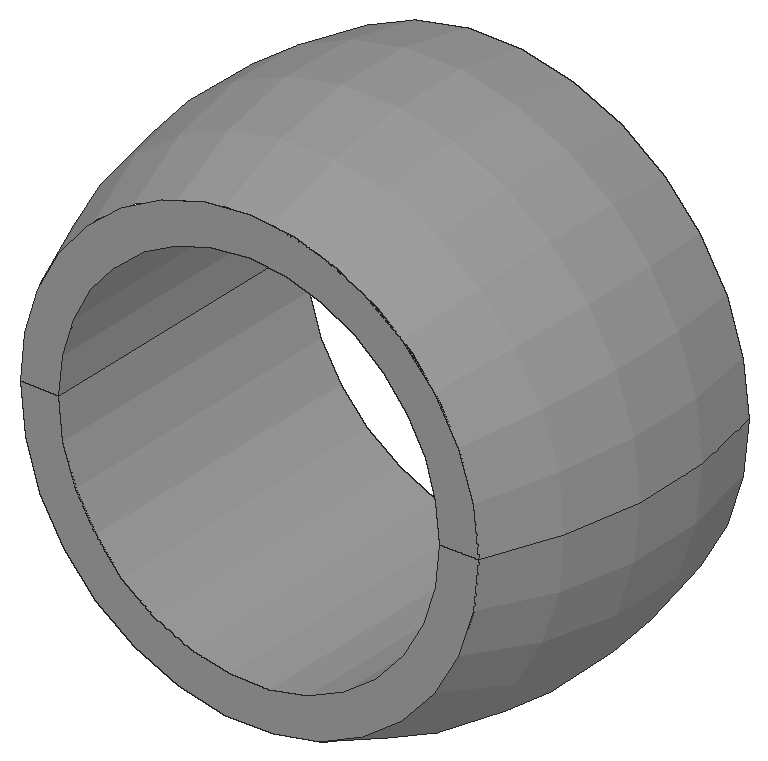
Revit family "VK484", category Sprinklers, Revit 2012
Parameters
  URL = "http://www.vikinggroupinc.com/databook/sprinklers/residential/050310.pdf"
  Model = "VK484"
  Manufacturer = "Viking"
  K-Factor = 4.2
Reference planes (in)
  plane 1 "Center (Front/Back)": y = 0
  plane 2: z = 0
  plane 3 "Center (Left/Right)": x = 0
  plane 4 "Threads": y = -0.54163
Forms (in)
  Revolve 1, solid, material "Default"
    sketch origin (0, 0, 0) x (1, 0, 0) y (0, 1, 0)
      loop
        arc (-0.40697, -0.40775) -> (-0.43373, -0.65737) -> (-0.36754, -0.89953) r 0.67589
        line (-0.36754, -0.89953) -> (-0.30548, -0.89953) -> (-0.30548, -0.40775) -> (-0.40697, -0.40775)
      axis (0, -0.40775) -> (0, -0.89953)
    angle from 0 to 360
Dimensions and locks (in)
  aligned and locked: plane 2 to level
Connectors (in)
  piping at (0, -0.54163, 0)
    settings: index 1, connector radius 1", flow factor 0, pipe flow 0 GPM, pressure drop 0.00 psi, fitting loss kfactor 0, connector angle 0.00°, fixture units 0, engagement length 0' - 0", flow configuration 0, flow direction 0, fitting loss method 0, system type 7, joint type 0, gender type 0, connector reference index -1, connector utility 0, adjustable connector no, is connector primary yes, fitting loss table "", connector description ""
